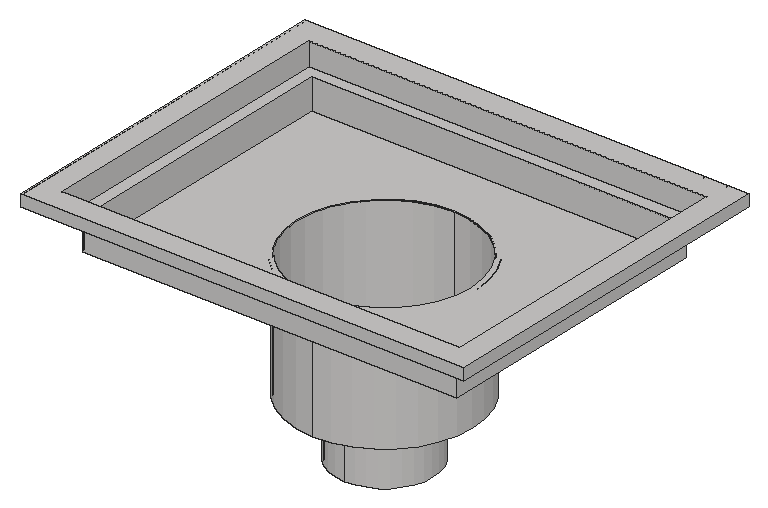
Revit family "QF_ZANUSSI_328061_FDB4050", category Attrezzature speciali, Revit 2020
Family settings
  Quota connettore circolare = Usa diametro
  Tipo di parte = Normale
  Basato su piano di lavoro = No
  Sempre verticale = Sì
  Taglio con vuoti quando caricato = No
  Condiviso = No
  Punto di calcolo locali = No
Parameters (values of type "Standard")
  Weight = 33.0693 lbm
  Watts = 0 W
  Volts = 0 V
  URL Manufacturer = "http://www.zanussiprofessional.com"
  URL = "http://www.zanussiprofessional.com"
  Steam Supply Size = 0"
  Steam Supply Minimum Pressure = 0.00 psi
  Steam Supply Maximum Pressure = 0.00 psi
  Steam Consumption per Hour = 0
  Refrigeration Suction Line Size = 0 mm
  Refrigeration Liquid Line Size = 0 mm
  Refrigerant Compressor Remote = yes
  Prospetto di default = 0 mm
  Phase = 0
  Modello = "FDB4050"
  Produttore = "Zanussi"
  Length Actual = 500 mm  # constant formula
  Item Number = "328061"
  Hot Water Size = 0"
  Height Actual = 265 mm  # constant formula
  HP = "0 HP"
  Gas Size = 0"
  Gas KW = 0
  Gas Input Pressure = 0.0 Btu/h
  Direct Waste Size = 3.93701"
  Descrizione = "FLR.DRAIN+GRATE+C.SIPH-VERT.OUT. 400X500"
  Depth Actual = 400 mm  # constant formula
  Cycle = 0 Hz
  Condensate Return Size = 0"
  Compressed Air Volume = 0 GPM
  Compressed Air Size = 0"
  Compressed Air Pressure = 0.00 psi
  Cold Water Size = 0"
  Assembly Code = ""
  Accessory = yes
Reference planes
  plane 1: z = 0
  plane 2 "Center (Front/Back)": y = -102.225
  plane 3 "Center (Left/Right)": x = 9.791
  plane 4 "TOP": z = -265
  plane 5 "Back": y = 97.775
  plane 6 "Front": y = -302.225
  plane 7: x = -140.209
  plane 8: x = 159.791
  plane 9 "Right": x = 259.791
  plane 10 "Left": x = -240.209
  plane 11: x = 234.791
  plane 12: x = -200.209
Forms (mm)
  Revolve 1, solid, material "QF_Metal-Stainless-Polished"
    sketch origin (9.791, 0, 0) x (0, 1, 0) y (0, 0, 1)
      loop
        line (-2.225, -62) -> (0.775, -62) -> (0.775, -60) -> (-4.225, -60) -> (-4.225, -198) -> (-49.225, -198) -> (-49.225, -265) -> (-47.225, -265) -> (-47.225, -200) -> (-2.225, -200) -> (-2.225, -62)
      axis (-102.225, -265) -> (-102.225, -60)
    angle from 0 to 360
  Sweep 2, solid, material "QF_Finishes_Stainless Steel"
    path origin (0, 0, 0) x (1, 0, 0) y (0, 1, 0)
      loop
        line (-240.209, 97.775) -> (-240.209, -302.225) -> (259.791, -302.225) -> (259.791, 97.775) -> (-240.209, 97.775)
    profile origin (9.791, 97.775, 0) x (0, 1, 0) y (0, 0, 1)
      loop
        line (0, -11.945) -> (0, 1) -> (-26, 1) -> (-26, -25) -> (-40, -25) -> (-40, -59) -> (-50, -59) -> (-50, -60) -> (-39, -60) -> (-39, -26) -> (-25, -26) -> (-25, 0.055) -> (-1, 0.055) -> (-1, -11.945) -> (0, -11.945)
  Extrusion 3, solid, material "QF_Finishes_Stainless Steel"
    sketch origin (0, 0, 0) x (1, 0, 0) y (0, 1, 0)
      loop
        line (-190.209, 47.775) -> (-190.209, -252.225) -> (209.791, -252.225) -> (209.791, 47.775) -> (-190.209, 47.775)
      loop
        circle (9.791, -102.225) r 98
    from -59 to -60
Cuts and joins
  joined: Sweep 2, Extrusion 3
Lines and regions (mm)
  symbolic lines
    curve 1: line (-240.209, 97.775, 0) -> (259.791, 97.775, 0)
    curve 2: line (-240.209, -302.225, 0) -> (-240.209, 97.775, 0)
    curve 3: line (259.791, -302.225, 0) -> (-240.209, -302.225, 0)
    curve 4: line (259.791, 97.775, 0) -> (259.791, -302.225, 0)
    curve 5: circle (9.791, -102.225, 0) r 115 normal (0, 0, 1)
    curve 18: circle (9.791, -102.225, 0) r 115 normal (0, 0, -1)
    curve 24: circle (9.791, -102.225, 0) r 53 normal (0, 0, 1)
    curve 46: line (-215.209, 72.775, 0) -> (-215.209, -277.225, 0)
    curve 47: line (234.791, 72.775, 0) -> (-215.209, 72.775, 0)
    curve 48: line (-215.209, -277.225, 0) -> (234.791, -277.225, 0)
    curve 51: line (234.791, 72.775, 0) -> (234.791, -277.225, 0)
  model lines
    curve 6: line (-100.209, 71.775, 0) -> (-100.209, -276.225, 0)
    curve 7: line (-80.209, 71.775, 0) -> (-80.209, -276.225, 0)
    curve 8: line (-60.209, 71.775, 0) -> (-60.209, -276.225, 0)
    curve 9: line (-40.209, 71.775, 0) -> (-40.209, -276.225, 0)
    curve 10: line (-20.209, 71.775, 0) -> (-20.209, -276.225, 0)
    curve 11: line (-0.209, 71.775, 0) -> (-0.209, -276.225, 0)
    curve 12: line (19.791, 71.775, 0) -> (19.791, -276.225, 0)
    curve 13: line (39.791, 71.775, 0) -> (39.791, -276.225, 0)
    curve 14: line (59.791, 71.775, 0) -> (59.791, -276.225, 0)
    curve 15: line (79.791, 71.775, 0) -> (79.791, -276.225, 0)
    curve 16: line (99.791, 71.775, 0) -> (99.791, -276.225, 0)
    curve 17: line (119.791, 71.775, 0) -> (119.791, -276.225, 0)
    curve 19: line (-215.209, -22.225, 0) -> (234.791, -22.225, 0)
    curve 20: line (-215.209, -42.225, 0) -> (234.791, -42.225, 0)
    curve 21: line (-215.209, -62.225, 0) -> (234.791, -62.225, 0)
    curve 22: line (-215.209, -102.225, 0) -> (234.791, -102.225, 0)
    curve 23: line (-215.209, -122.225, 0) -> (234.791, -122.225, 0)
    curve 25: line (-215.209, 37.775, 0) -> (234.791, 37.775, 0)
    curve 26: line (-215.209, 17.775, 0) -> (234.791, 17.775, 0)
    curve 27: line (-215.209, -2.225, 0) -> (234.791, -2.225, 0)
    curve 28: line (-215.209, -202.225, 0) -> (234.791, -202.225, 0)
    curve 29: line (-215.209, -182.225, 0) -> (234.791, -182.225, 0)
    curve 30: line (-215.209, -162.225, 0) -> (234.791, -162.225, 0)
    curve 31: line (-215.209, -142.225, 0) -> (234.791, -142.225, 0)
    curve 32: line (-215.209, -262.225, 0) -> (234.791, -262.225, 0)
    curve 33: line (-215.209, -242.225, 0) -> (234.791, -242.225, 0)
    curve 34: line (-215.209, -222.225, 0) -> (234.791, -222.225, 0)
    curve 35: line (-215.209, 57.775, 0) -> (234.791, 57.775, 0)
    curve 36: line (139.791, 71.775, 0) -> (139.791, -276.225, 0)
    curve 37: line (159.791, 71.775, 0) -> (159.791, -276.225, 0)
    curve 38: line (179.791, 71.775, 0) -> (179.791, -276.225, 0)
    curve 39: line (199.791, 71.775, 0) -> (199.791, -276.225, 0)
    curve 40: line (219.791, 71.775, 0) -> (219.791, -276.225, 0)
    curve 41: line (259.791, 71.775, 0) -> (259.791, -276.225, 0)
    curve 42: line (-215.209, -82.225, 0) -> (234.791, -82.225, 0)
    curve 43: line (-160.209, 71.775, 0) -> (-160.209, -276.225, 0)
    curve 44: line (-140.209, 71.775, 0) -> (-140.209, -276.225, 0)
    curve 45: line (-120.209, 71.775, 0) -> (-120.209, -276.225, 0)
    curve 49: line (-200.209, 71.775, 0) -> (-200.209, -276.225, 0)
    curve 50: line (-180.209, 71.775, 0) -> (-180.209, -276.225, 0)
Dimensions and locks
  equal spacing: plane 8, plane 3 "Center (Left/Right)", plane 7
  level to plane 4 "TOP" = 265 mm
  locked: Revolve 1 sketch curve to Revolve 1 sketch curve at 100
  locked: Revolve 1 sketch curve to Revolve 1 sketch curve at 55
  locked: plane 8 to plane 7 at 300
  equal spacing: plane 6 "Front", plane 2 "Center (Front/Back)", plane 5 "Back"
  locked: plane 6 "Front" to plane 5 "Back" at 400
  equal spacing: plane 10 "Left", plane 3 "Center (Left/Right)", plane 9 "Right"
  locked: plane 10 "Left" to plane 9 "Right" at 500
  locked: plane 11 to plane 9 "Right" at 25
  aligned and locked: level to plane 1
  aligned and locked: Sweep 2 sketch curve to plane 9 "Right"
  aligned and locked: curve 4 to plane 9 "Right"
  aligned and locked: plane 10 "Left" to Sweep 2 sketch curve
  aligned and locked: plane 10 "Left" to curve 2
  aligned and locked: plane 11 to curve 25
Automatic sketch dimensions
  plane 6 "Front" to Sweep 2 sketch curve = 0 mm
  plane 5 "Back" to Sweep 2 sketch curve = 0 mm
  level to Sweep 2 sketch curve = 1 mm
  Sweep 2 sketch curve to profile plane = 0 mm
  profile plane to Sweep 2 sketch curve = 1 mm
  profile plane to Sweep 2 sketch curve = 25 mm
  Sweep 2 sketch curve to Sweep 2 sketch curve = 1 mm  (x4)
  Sweep 2 sketch curve to Sweep 2 sketch curve = 14 mm
  level to Sweep 2 sketch curve = 0.055 mm
  Sweep 2 sketch curve to Sweep 2 sketch curve = 12 mm
  Sweep 2 sketch curve to level = 25 mm
  Sweep 2 sketch curve to Sweep 2 sketch curve = 33 mm
  Sweep 2 sketch curve to Sweep 2 sketch curve = 10 mm
  Extrusion 3 sketch curve to plane 2 "Center (Front/Back)" = 0 mm
  Extrusion 3 sketch curve to plane 3 "Center (Left/Right)" = 0 mm
  Extrusion 3 sketch curve to plane 9 "Right" = 50 mm
  Extrusion 3 sketch curve to plane 6 "Front" = 50 mm
  plane 5 "Back" to Extrusion 3 sketch curve = 50 mm
  plane 10 "Left" to Extrusion 3 sketch curve = 50 mm
  Revolve 1 sketch curve to plane 2 "Center (Front/Back)" = 0 mm
  Revolve 1 sketch curve to plane 4 "TOP" = 0 mm
  Revolve 1 sketch curve to Revolve 1 sketch curve = 2 mm  (x4)
  Revolve 1 sketch curve to Revolve 1 sketch curve = 3 mm
  plane 4 "TOP" to Revolve 1 sketch curve = 65 mm
  Revolve 1 sketch curve to level = 60 mm
  Revolve 1 sketch curve to plane 4 "TOP" = 344.6 mm
  level to Revolve 1 sketch curve = 2466.13 mm
  curve 5 to curve 18 = 0 mm  (x2)
  curve 5 to curve 24 = 0 mm  (x2)
  curve 22 to plane 2 "Center (Front/Back)" = 0 mm
  curve 49 to plane 12 = 0 mm
  curve 44 to plane 7 = 0 mm
  curve 18 to plane 2 "Center (Front/Back)" = 0 mm
  curve 18 to plane 3 "Center (Left/Right)" = 0 mm
  curve 37 to plane 8 = 0 mm
  curve 41 to plane 9 "Right" = 0 mm
  plane 6 "Front" to curve 3 = 0 mm
  plane 5 "Back" to curve 1 = 0 mm
  curve 47 to plane 12 = 15 mm
  curve 48 to plane 6 "Front" = 25 mm
  plane 5 "Back" to curve 46 = 25 mm
  curve 49 to curve 50 = 20 mm
  curve 43 to plane 7 = 20 mm
  curve 44 to curve 45 = 20 mm
  curve 45 to curve 6 = 20 mm
  curve 6 to curve 7 = 20 mm
  curve 7 to curve 8 = 20 mm
  curve 8 to curve 9 = 20 mm
  curve 9 to curve 10 = 20 mm
  curve 11 to plane 3 "Center (Left/Right)" = 10 mm
  plane 3 "Center (Left/Right)" to curve 12 = 10 mm
  curve 12 to curve 13 = 20 mm
  curve 13 to curve 14 = 20 mm
  curve 14 to curve 15 = 20 mm
  curve 15 to curve 16 = 20 mm
  curve 16 to curve 17 = 20 mm
  curve 36 to plane 8 = 20 mm
  curve 37 to curve 38 = 20 mm
  curve 38 to curve 39 = 20 mm
  plane 11 to curve 40 = 15 mm
  curve 50 to plane 6 "Front" = 26 mm
  curve 6 to plane 6 "Front" = 26 mm
  curve 36 to plane 6 "Front" = 26 mm
  curve 46 to curve 49 = 1 mm
  curve 6 to curve 7 = 0 mm  (x2)
  curve 45 to curve 6 = 0 mm
  curve 7 to curve 8 = 0 mm  (x2)
  curve 44 to curve 45 = 0 mm  (x2)
  curve 8 to curve 9 = 0 mm  (x2)
  curve 43 to curve 44 = 0 mm  (x2)
  curve 9 to curve 10 = 0 mm  (x2)
  curve 17 to curve 36 = 0 mm  (x2)
  curve 10 to curve 11 = 0 mm  (x2)
  curve 36 to curve 37 = 0 mm  (x2)
  curve 11 to curve 12 = 0 mm  (x2)
  curve 48 to curve 41 = 1 mm
  curve 12 to curve 13 = 0 mm  (x2)
  curve 51 to curve 40 = 1 mm
  curve 13 to curve 14 = 0 mm  (x2)
  curve 39 to curve 40 = 0 mm
  curve 14 to curve 15 = 0 mm  (x2)
  curve 37 to curve 38 = 0 mm  (x2)
  curve 16 to curve 17 = 0 mm  (x2)
  curve 51 to curve 32 = 15 mm
  curve 32 to curve 33 = 20 mm
  curve 33 to curve 34 = 20 mm
  curve 34 to curve 28 = 20 mm
  curve 28 to curve 29 = 20 mm
  curve 29 to curve 30 = 20 mm
  curve 30 to curve 31 = 20 mm
  curve 23 to curve 22 = 20 mm
  plane 2 "Center (Front/Back)" to curve 42 = 20 mm
  curve 42 to curve 21 = 20 mm
  curve 21 to curve 20 = 20 mm
  curve 20 to curve 19 = 20 mm
  curve 19 to curve 27 = 20 mm
  curve 27 to curve 26 = 20 mm
  curve 26 to curve 25 = 20 mm
  curve 35 to curve 47 = 15 mm
  plane 5 "Back" to curve 36 = 26 mm
  curve 38 to curve 39 = 0 mm
  curve 15 to curve 16 = 0 mm
  curve 40 to curve 47 = 1 mm
  curve 41 to curve 47 = 1 mm
  plane 5 "Back" to curve 43 = 26 mm
  curve 50 to curve 43 = 0 mm
  curve 49 to curve 46 = 1 mm
  radius of Extrusion 3 sketch curve = 98 mm
  radius of curve 5 = 115 mm
  radius of curve 18 = 115 mm
  radius of curve 24 = 53 mm
Connectors
  piping at (9.791, -102.225, -265), diameter 100, driven by "Direct Waste Size"
    settings: on Revolve 1, index 1, connector inside diameter 24", connector length 0 mm, flow factor 0, pipe flow 0 GPM, pressure drop 0.00 psi, fitting loss kfactor 0, connector angle 0.00°, fixture units 0, engagement length 0 mm, angle of deflection 0.00°, flow configuration 0, flow direction 0, fitting loss method 0, system type 19, joint type 0, gender type 0, connector reference index -1, connector utility 0, adjustable connector no, is connector primary yes, connector description "Drain"
